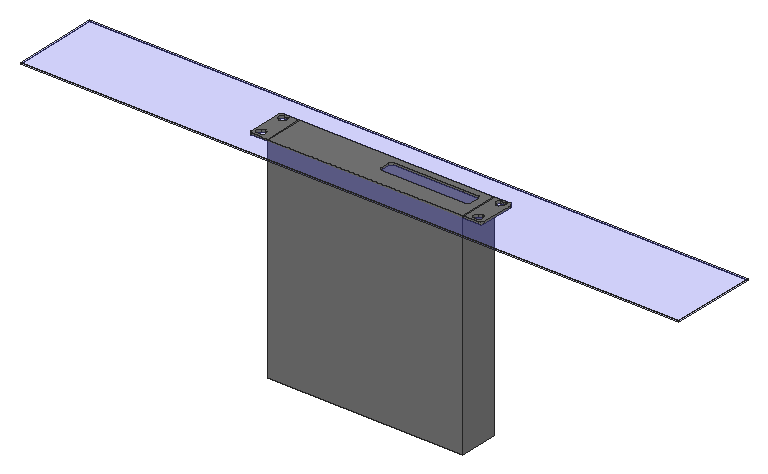
Revit family "QSC SPA2-200 Amplifier Front Facing Rackmount", category Generic Models, host Face, Revit 2014
Parameters (values of type "SPA2-200 @ 230VAC")
  Width = 8.663"  # constant formula
  Weight Product (lb) = 4  # constant formula
  Weight Product (kg) = 1.4  # constant formula
  Weight Dimensional (lb) = 6.5  # constant formula
  Weight Dimensional (kg) = 2.5  # constant formula
  Voltage AC = "100-240 at 50-60 Hz"  # constant formula
  URL = "http://www.qsc.com/systems/products/power-amplifiers/energystar-amplifiers/spa-series/spa2-200/"
  Sustainability Rating = "Energy Star"  # constant formula
  Show Right Ear Short [instance] = yes
  Show Right Ear Long [instance] = no
  Show Left Ear Short [instance] = yes
  Show Left Ear Long [instance] = no
  Regulatory Compliance = "UL, CE, RoHS/WEEE, FCC Class B, UL 2043 with Plenum Kit Accessory"  # constant formula
  Product Page URL = "http://www.qsc.com/systems/products/power-amplifiers/energystar-amplifiers/spa-series/spa2-200/"
  Product Documentation Link = "http://www.qsc.com/resource-files/productresources/amp/spa/q_amp_spa_specs.pdf"
  Power Standby = 24  # constant formula
  Power Peak = 184
  Power Active = 184
  Model = "SPA2-200"  # constant formula
  Manufacturer URL = "http://www.qscaudio.com"
  Manufacturer = "QSC Audio Products, LLC"  # constant formula
  Height = 1.730"  # constant formula
  Heat Load Standby = 33  # constant formula
  Heat Load Active = 103  # constant formula
  Face Depth = 0.0788"
  Description = "2 Channel 200 Watt/Channel Amplfier"  # constant formula
  Depth = 9.48819"  # constant formula
  Default Elevation = 0.000"
  Current Draw = 0.7
  Enclosure Material [instance] = Dark Gray Finish
Types (4): name | Power Peak | Power Active | Current Draw
  (no name) | 184 | 184 | 0.7
  SPA2-200 @ 100VAC | 170 | 130 | 1.7
  SPA2-200 @ 120VAC | 180 | 132 | 1.5
  SPA2-200 @ 230VAC | 184 | 184 | 0.7
Reference planes (in)
  plane 1 "Center (Front/Back)": y = 0
  plane 2: z = 0
  plane 3 "Center (Left/Right)": x = 0
  plane 4 "Left": x = -4.3315
  plane 5 "Right": x = 4.3315
  plane 6 "Top": y = 0.865
  plane 7 "Bottom": y = -0.865
  plane 8 "Back": z = -9.40939
  plane 9 "Right Extend Ear": x = 13.8135
  plane 10 "Left Extend Ear": x = -13.8135
  plane 11 "Left Short Ear": x = -5.1529
  plane 12 "Right Short Ear": x = 5.1529
  plane 13 "Front": z = 0.0788
Forms (in)
  Extrusion 1, solid, material "Glass"
    sketch origin (0, 0, 0) x (1, 0, 0) y (0, 1, 0)
      loop
        line (-14.5, 1.9685) -> (-14.5, -1.88975) -> (14.73031, -1.88975) -> (14.73031, 1.9685) -> (-14.5, 1.9685)
    from 0 to -0.079
  Extrusion 2, solid, material "Dark Gray Finish" <- "Enclosure Material"
    sketch origin (0, -0.865, 0) x (-1, 0, 0) y (0, 0, 1)
      loop
        line (4.3315, 0.0788) -> (-4.3315, 0.0788) -> (-4.3315, -9.40939) -> (4.3315, -9.40939) -> (4.3315, 0.0788)
    from 0 to 1.73 <- "Height"
  Extrusion 3, void
    sketch origin (0, 0, -9.40939) x (-1, 0, 0) y (0, -1, 0)
      loop
        line (-4.13103, -0.64625) -> (-3.52079, -0.64625) -> (-3.52079, -0.33317) -> (-4.13103, -0.33317) -> (-4.13103, -0.64625)
      loop
        line (-2.87118, -0.33317) -> (-3.48142, -0.33317) -> (-3.48142, -0.64625) -> (-2.87118, -0.64625) -> (-2.87118, -0.33317)
      loop
        line (-2.73547, -0.40133) -> (-2.73547, -0.63567) -> (-2.47484, -0.63567) -> (-2.47484, -0.40133) -> (-2.73547, -0.40133)
      loop
        line (-1.98744, -0.63567) -> (-1.98744, -0.40133) -> (-2.43547, -0.40133) -> (-2.43547, -0.63567) -> (-1.98744, -0.63567)
      loop
        line (-1.8585, -0.40133) -> (-1.8585, -0.63567) -> (-1.50417, -0.63567) -> (-1.50417, -0.40133) -> (-1.8585, -0.40133)
      loop
        line (-1.11047, -0.63567) -> (-1.11047, -0.40133) -> (-1.4648, -0.40133) -> (-1.4648, -0.63567) -> (-1.11047, -0.63567)
      loop
        line (2.83544, -0.39444) -> (3.58439, -0.39444)
        arc (3.58439, -0.39444) -> (3.66726, -0.36012) -> (3.70158, -0.27725) r 0.11719
        line (3.70158, -0.27725) -> (3.70158, 0.04564)
        arc (3.70158, 0.04564) -> (3.69563, 0.07554) -> (3.6787, 0.10088) r 0.07813
        line (3.6787, 0.10088) -> (3.52761, 0.25197)
        arc (3.52761, 0.25197) -> (3.50227, 0.26891) -> (3.47237, 0.27485) r 0.07813
        line (3.47237, 0.27485) -> (2.94654, 0.27485)
        arc (2.94654, 0.27485) -> (2.91664, 0.26891) -> (2.89129, 0.25197) r 0.07813
        line (2.89129, 0.25197) -> (2.74021, 0.10088)
        arc (2.74021, 0.10088) -> (2.72327, 0.07554) -> (2.71733, 0.04564) r 0.07813
        line (2.71733, 0.04564) -> (2.71733, -0.27633)
        arc (2.71733, -0.27633) -> (2.75192, -0.35985) -> (2.83544, -0.39444) r 0.11811
    from 0 to 0.19685
  Extrusion 4, void
    sketch origin (-16.617, -180, 0.0788) x (0, -1, 0) y (-1, 0, 0)
      loop
        line (-180.55192, -16.7645) -> (-180.55192, -20.46917)
        arc (-180.55192, -20.46917) -> (-180.50615, -20.57966) -> (-180.39567, -20.62542) r 0.15625
        line (-180.39567, -20.62542) -> (-180.03888, -20.62542)
        arc (-180.03888, -20.62542) -> (-179.92839, -20.57966) -> (-179.88263, -20.46917) r 0.15625
        line (-179.88263, -20.46917) -> (-179.88263, -16.7645)
        arc (-179.88263, -16.7645) -> (-179.92839, -16.65402) -> (-180.03888, -16.60825) r 0.15625
        line (-180.03888, -16.60825) -> (-180.39567, -16.60825)
        arc (-180.39567, -16.60825) -> (-180.50615, -16.65402) -> (-180.55192, -16.7645) r 0.15625
    from 0 to 0.079
  Extrusion 5, solid, material "Dark Gray Finish" <- "Enclosure Material", visible <- "Show Left Ear Short"
    sketch origin (0, 0, 0) x (1, 0, 0) y (0, 1, 0)
      loop
        arc (-5.02784, 0.865) -> (-5.11623, 0.82839) -> (-5.1529, 0.74) r 0.125
        line (-5.1529, 0.74) -> (-5.15284, -0.74)
        arc (-5.15284, -0.74) -> (-5.11623, -0.82839) -> (-5.02784, -0.865) r 0.125
        line (-5.02784, -0.865) -> (-4.3315, -0.865) -> (-4.3315, 0.865) -> (-5.02784, 0.865)
      loop
        line (-4.7552, 0.76559) -> (-4.893, 0.76559)
        arc (-4.893, 0.76559) -> (-5.0266, 0.64002) -> (-4.90953, 0.4989) r 0.13386
        arc (-4.90953, 0.4989) -> (-4.8241, 0.41343) -> (-4.73867, 0.4989) r 0.08543
        arc (-4.73867, 0.4989) -> (-4.6216, 0.64002) -> (-4.7552, 0.76559) r 0.13386
      loop
        arc (-4.7552, -0.75213) -> (-4.6216, -0.62655) -> (-4.73867, -0.48543) r 0.13386
        arc (-4.73867, -0.48543) -> (-4.8241, -0.39996) -> (-4.90953, -0.48543) r 0.08543
        arc (-4.90953, -0.48543) -> (-5.0266, -0.62655) -> (-4.893, -0.75213) r 0.13386
        line (-4.893, -0.75213) -> (-4.7552, -0.75213)
    from 0 to 0.0788 <- "Face Depth"
  Extrusion 6, solid, material "Dark Gray Finish" <- "Enclosure Material", visible <- "Show Right Ear Short"
    sketch origin (0, 0, 0) x (-1, 0, 0) y (0, -1, 0)
      loop
        line (-5.02784, -0.865) -> (-4.3315, -0.865) -> (-4.3315, 0.865) -> (-5.02784, 0.865)
        arc (-5.02784, 0.865) -> (-5.11623, 0.82839) -> (-5.15284, 0.74) r 0.125
        line (-5.15284, 0.74) -> (-5.1529, -0.74)
        arc (-5.1529, -0.74) -> (-5.11623, -0.82839) -> (-5.02784, -0.865) r 0.125
      loop
        arc (-4.7552, -0.76559) -> (-4.6216, -0.64002) -> (-4.73867, -0.4989) r 0.13386
        arc (-4.73867, -0.4989) -> (-4.8241, -0.41343) -> (-4.90953, -0.4989) r 0.08543
        arc (-4.90953, -0.4989) -> (-5.0266, -0.64002) -> (-4.893, -0.76559) r 0.13386
        line (-4.893, -0.76559) -> (-4.7552, -0.76559)
      loop
        line (-4.7552, 0.75213) -> (-4.893, 0.75213)
        arc (-4.893, 0.75213) -> (-5.0266, 0.62655) -> (-4.90953, 0.48543) r 0.13386
        arc (-4.90953, 0.48543) -> (-4.8241, 0.39996) -> (-4.73867, 0.48543) r 0.08543
        arc (-4.73867, 0.48543) -> (-4.6216, 0.62655) -> (-4.7552, 0.75213) r 0.13386
    from 0 to 0.0788 <- "Face Depth"
  Extrusion 7, solid, material "Dark Gray Finish" <- "Enclosure Material", visible <- "Show Right Ear Long"
    sketch origin (0, 0, 0) x (-1, 0, 0) y (0, -1, 0)
      loop
        arc (-13.55582, -0.49787) -> (-13.68968, -0.63173) -> (-13.55582, -0.76559) r 0.13386
        line (-13.55582, -0.76559) -> (-13.41803, -0.76559)
        arc (-13.41803, -0.76559) -> (-13.28417, -0.63173) -> (-13.41803, -0.49787) r 0.13386
        line (-13.41803, -0.49787) -> (-13.55582, -0.49787)
      loop
        arc (-13.55582, 0.75213) -> (-13.68968, 0.61827) -> (-13.55582, 0.48441) r 0.13386
        line (-13.55582, 0.48441) -> (-13.41803, 0.48441)
        arc (-13.41803, 0.48441) -> (-13.28417, 0.61827) -> (-13.41803, 0.75213) r 0.13386
        line (-13.41803, 0.75213) -> (-13.55582, 0.75213)
      loop
        line (-13.8135, 0.74) -> (-13.8135, -0.74)
        arc (-13.8135, -0.74) -> (-13.77689, -0.82839) -> (-13.6885, -0.865) r 0.125
        line (-13.6885, -0.865) -> (-4.3315, -0.865) -> (-4.3315, 0.865) -> (-13.6885, 0.865)
        arc (-13.6885, 0.865) -> (-13.77689, 0.82839) -> (-13.8135, 0.74) r 0.125
    from 0 to 0.0788 <- "Face Depth"
  Extrusion 8, solid, material "Dark Gray Finish" <- "Enclosure Material", visible <- "Show Left Ear Long"
    sketch origin (0, 0, 0) x (1, 0, 0) y (0, 1, 0)
      loop
        line (-13.55582, 0.49787) -> (-13.41803, 0.49787)
        arc (-13.41803, 0.49787) -> (-13.28417, 0.63173) -> (-13.41803, 0.76559) r 0.13386
        line (-13.41803, 0.76559) -> (-13.55582, 0.76559)
        arc (-13.55582, 0.76559) -> (-13.68968, 0.63173) -> (-13.55582, 0.49787) r 0.13386
      loop
        line (-13.55582, -0.75213) -> (-13.41803, -0.75213)
        arc (-13.41803, -0.75213) -> (-13.28417, -0.61827) -> (-13.41803, -0.48441) r 0.13386
        line (-13.41803, -0.48441) -> (-13.55582, -0.48441)
        arc (-13.55582, -0.48441) -> (-13.68968, -0.61827) -> (-13.55582, -0.75213) r 0.13386
      loop
        arc (-13.8135, -0.74) -> (-13.77689, -0.82839) -> (-13.6885, -0.865) r 0.125
        line (-13.6885, -0.865) -> (-4.3315, -0.865) -> (-4.3315, 0.865) -> (-13.6885, 0.865)
        arc (-13.6885, 0.865) -> (-13.77689, 0.82839) -> (-13.8135, 0.74) r 0.125
        line (-13.8135, 0.74) -> (-13.8135, -0.74)
    from 0 to 0.0788 <- "Face Depth"
Cuts and joins
  Extrusion 3, Extrusion 4 cuts Extrusion 2
Lines and regions (in)
  model lines, style "GenericModel", not visible, detail levels fine
    curve 1: line (13.55599, -1.01274, 0.03125) -> (13.46873, -0.89778, 0.03125)
    curve 2: line (13.46873, -0.89778, 0.03125) -> (13.55599, -1.01274, 0.03125)
    curve 3: line (13.15237, -0.99839, 0.03125) -> (13.18534, -0.8798, 0.03125)
    curve 4: line (13.18534, -0.8798, 0.03125) -> (13.15237, -0.99839, 0.03125)
    curve 5: line (13.20744, -1.07691, 0.03125) -> (13.18283, -0.85745, 0.03125)
    curve 6: line (13.18283, -0.85745, 0.03125) -> (13.20744, -1.07691, 0.03125)
    curve 7: line (13.67283, -0.92336, 0.03125) -> (13.75064, -0.98053, 0.03125)
    curve 8: line (13.75064, -0.98053, 0.03125) -> (13.67283, -0.92336, 0.03125)
    curve 25: line (-3.35339, 0.42119, 0) -> (-3.44988, 0.54832, 0)
    curve 26: line (-3.44988, 0.54832, 0) -> (-3.35339, 0.42119, 0)
    curve 27: line (-3.7997, 0.43707, 0) -> (-3.76325, 0.5682, 0)
    curve 28: line (-3.76325, 0.5682, 0) -> (-3.7997, 0.43707, 0)
    curve 29: line (-3.73881, 0.35024, 0) -> (-3.76602, 0.59291, 0)
    curve 30: line (-3.76602, 0.59291, 0) -> (-3.73881, 0.35024, 0)
    curve 31: line (-3.22419, 0.52002, 0) -> (-3.13815, 0.45681, 0)
    curve 32: line (-3.13815, 0.45681, 0) -> (-3.22419, 0.52002, 0)
    curve 45: line (-3.35339, 0.42119, 0.0788) -> (-3.44988, 0.54832, 0.0788)
    curve 46: line (-3.44988, 0.54832, 0.0788) -> (-3.35339, 0.42119, 0.0788)
    curve 47: line (-3.7997, 0.43707, 0.0788) -> (-3.76325, 0.5682, 0.0788)
    curve 48: line (-3.76325, 0.5682, 0.0788) -> (-3.7997, 0.43707, 0.0788)
    curve 49: line (-3.73881, 0.35024, 0.0788) -> (-3.76602, 0.59291, 0.0788)
    curve 50: line (-3.76602, 0.59291, 0.0788) -> (-3.73881, 0.35024, 0.0788)
    curve 51: line (-3.22419, 0.52002, 0.0788) -> (-3.13815, 0.45681, 0.0788)
    curve 52: line (-3.13815, 0.45681, 0.0788) -> (-3.22419, 0.52002, 0.0788)
  model lines, not visible
    curve 9: arc (-4.09496, -0.0625, 1.79211) -> (-3.79966, 0.2328, 1.79211) -> (-3.50436, -0.0625, 1.79211) r 0.2953
    curve 10: arc (-3.50436, -0.0625, 1.79211) -> (-3.79966, -0.3578, 1.79211) -> (-4.09496, -0.0625, 1.79211) r 0.2953
    curve 11: arc (2.90932, 0.1875, 1.79211) -> (3.51952, 0.7977, 1.79211) -> (4.12972, 0.1875, 1.79211) r 0.6102
    curve 12: arc (4.12972, 0.1875, 1.79211) -> (3.51952, -0.4227, 1.79211) -> (2.90932, 0.1875, 1.79211) r 0.6102
    curve 13: line (2.1373, 0.9632, 1.79211) -> (2.1373, -0.8138, 1.79211)
    curve 14: line (2.1373, -0.8138, 1.79211) -> (-0.6525, -0.8138, 1.79211)
    curve 15: line (-0.6525, -0.8138, 1.79211) -> (-0.6525, 0.9632, 1.79211)
    curve 16: line (-0.6525, 0.9632, 1.79211) -> (2.1373, 0.9632, 1.79211)
    curve 37: line (-0.04, 0.55192, 0) -> (3.97575, 0.55192, 0)
    curve 38: line (-0.04, -0.11737, 0) -> (-0.04, 0.55192, 0)
    curve 39: line (3.97575, -0.11737, 0) -> (-0.04, -0.11737, 0)
    curve 40: line (3.97575, 0.55192, 0) -> (3.97575, -0.11737, 0)
  model lines, style "GenericModel", detail levels fine
    curve 17: line (-3.29089, 0.35869, 0.0788) -> (-3.38738, 0.48582, 0.0788)
    curve 18: line (-3.38738, 0.48582, 0.0788) -> (-3.29089, 0.35869, 0.0788)
    curve 19: line (-3.7372, 0.37457, 0.0788) -> (-3.70075, 0.5057, 0.0788)
    curve 20: line (-3.70075, 0.5057, 0.0788) -> (-3.7372, 0.37457, 0.0788)
    curve 21: line (-3.67631, 0.28774, 0.0788) -> (-3.70352, 0.53041, 0.0788)
    curve 22: line (-3.70352, 0.53041, 0.0788) -> (-3.67631, 0.28774, 0.0788)
    curve 23: line (-3.16169, 0.45752, 0.0788) -> (-3.07565, 0.39431, 0.0788)
    curve 24: line (-3.07565, 0.39431, 0.0788) -> (-3.16169, 0.45752, 0.0788)
  model lines
    curve 33: line (0.1475, 0.55192, 0) -> (3.85217, 0.55192, 0)
    curve 34: line (-0.00875, 0.03888, 0) -> (-0.00875, 0.39567, 0)
    curve 35: line (3.85217, -0.11737, 0) -> (0.1475, -0.11737, 0)
    curve 36: line (4.00842, 0.39567, 0) -> (4.00842, 0.03888, 0)
    curve 41: arc (-0.00875, 0.39567, 0) -> (0.03701, 0.50615, 0) -> (0.1475, 0.55192, 0) r 0.15625
    curve 42: arc (-0.00875, 0.03888, 0) -> (0.03701, -0.07161, 0) -> (0.1475, -0.11737, 0) r 0.15625
    curve 43: arc (3.85217, -0.11737, 0) -> (3.96265, -0.07161, 0) -> (4.00842, 0.03888, 0) r 0.15625
    curve 44: arc (4.00842, 0.39567, 0) -> (3.96265, 0.50615, 0) -> (3.85217, 0.55192, 0) r 0.15625
Dimensions and locks (in)
  equal spacing: plane 6 "Top", plane 1 "Center (Front/Back)", plane 7 "Bottom"
  "Height": plane 6 "Top" to plane 7 "Bottom"
  equal spacing: plane 4 "Left", plane 3 "Center (Left/Right)", plane 5 "Right"
  "Width": plane 4 "Left" to plane 5 "Right"
  plane 4 "Left" to plane 5 "Right" = 8.663"
  plane 5 "Right" to plane 9 "Right Extend Ear" = 9.482"
  plane 10 "Left Extend Ear" to plane 4 "Left" = 9.482"
  plane 11 "Left Short Ear" to plane 4 "Left" = 0.8214"
  plane 5 "Right" to plane 12 "Right Short Ear" = 0.8214"
  "Face Depth": plane 13 "Front" to plane 2
  "Depth": plane 13 "Front" to plane 8 "Back"
  aligned and locked: plane 2 to Extrusion 1
  aligned and locked: level to Extrusion 1
  aligned and locked: plane 4 "Left" to Extrusion 2 sketch curve
  aligned and locked: plane 8 "Back" to Extrusion 2 sketch curve
  aligned and locked: Extrusion 2 sketch curve to plane 5 "Right"
  aligned and locked: Extrusion 2 sketch curve to plane 13 "Front"
  aligned and locked: Extrusion 5 sketch curve to plane 6 "Top"
  aligned and locked: plane 11 "Left Short Ear" to Extrusion 5 sketch curve
  aligned and locked: cut or joined group of Extrusion 2, Extrusion 3, Extrusion 4 to Extrusion 5 sketch curve
  aligned and locked: Extrusion 5 sketch curve to cut or joined group of Extrusion 2, Extrusion 3, Extrusion 4
  aligned and locked: cut or joined group of Extrusion 2, Extrusion 3, Extrusion 4 to Extrusion 7 sketch curve
  aligned and locked: plane 9 "Right Extend Ear" to Extrusion 7 sketch curve
  aligned and locked: Extrusion 7 sketch curve to plane 7 "Bottom"
  aligned and locked: Extrusion 7 sketch curve to plane 6 "Top"
Automatic sketch dimensions
  curve 34 to curve 34 = 0.35679"
  curve 35 to curve 35 = 3.70467"
  curve 36 to curve 36 = 0.35679"  (x2)
  curve 34 to curve 35 = 3.86408"
  curve 35 to curve 33 = 0.66929"
  curve 23 to curve 24 = 0.000"  (x4)
  curve 24 to curve 23 = 0.10677"
  curve 18 to curve 23 = 0.16267"
  curve 17 to curve 18 = 0.000"  (x5)
  curve 17 to curve 18 = 0.15959"
  curve 18 to curve 17 = 0.000"  (x3)
  curve 21 to curve 17 = 0.35031"
  curve 22 to curve 21 = 0.000"  (x4)
  curve 20 to curve 21 = 0.21933"
  curve 19 to curve 20 = 0.000"  (x4)
  curve 22 to curve 19 = 0.02487"
  curve 21 to curve 22 = 0.000"  (x4)
  curve 19 to curve 21 = 0.10605"
  curve 20 to curve 19 = 0.000"  (x2)
  curve 22 to curve 18 = 0.3919"
  curve 21 to curve 20 = 0.10605"
  curve 17 to curve 23 = 0.21817"
  curve 24 to curve 23 = 0.000"  (x4)
  curve 23 to curve 24 = 0.10677"
  curve 18 to curve 17 = 0.15959"
  curve 20 to curve 20 = 0.13611"
  curve 24 to curve 33 = 3.227"
  curve 22 to curve 33 = 3.83293"
  curve 38 to curve 39 = 4.01575"
  curve 39 to curve 37 = 0.66929"
  curve 31 to curve 32 = 0.000"  (x3)
  curve 32 to curve 31 = 0.08604"
  curve 26 to curve 31 = 0.1292"
  curve 25 to curve 26 = 0.000"  (x2)
  curve 25 to curve 26 = 0.09649"
  curve 26 to curve 25 = 0.000"  (x2)
  curve 29 to curve 25 = 0.28894"
  curve 30 to curve 29 = 0.000"  (x2)
  curve 28 to curve 29 = 0.02444"
  curve 27 to curve 28 = 0.000"  (x2)
  curve 30 to curve 27 = 0.00277"
  curve 29 to curve 30 = 0.000"  (x2)
  curve 27 to curve 29 = 0.06089"
  curve 28 to curve 27 = 0.000"
  curve 30 to curve 26 = 0.07095"
  curve 29 to curve 28 = 0.08683"
  curve 25 to curve 31 = 0.03562"
  curve 32 to curve 31 = 0.000"
  curve 31 to curve 32 = 0.06321"
  curve 26 to curve 25 = 0.12712"
  curve 28 to curve 28 = 0.13113"
  curve 32 to curve 37 = 3.09814"
  curve 30 to curve 37 = 0.20168"
  curve 23 to curve 23 = 0.08604"
  curve 23 to curve 18 = 0.1292"
  curve 17 to curve 17 = 0.09649"
  curve 17 to curve 22 = 0.28894"
  curve 21 to curve 20 = 0.02444"
  curve 19 to curve 21 = 0.00277"
  curve 21 to curve 20 = 0.06089"
  curve 21 to curve 20 = 0.02471"
  curve 19 to curve 18 = 0.01989"
  curve 17 to curve 23 = 0.02829"
  curve 24 to curve 23 = 0.06321"
  curve 17 to curve 18 = 0.12712"
  curve 19 to curve 21 = 0.08683"
  curve 51 to curve 52 = 0.000"
  curve 51 to curve 51 = 0.08604"
  curve 52 to curve 51 = 0.000"  (x3)
  curve 51 to curve 46 = 0.1292"
  curve 45 to curve 46 = 0.000"  (x3)
  curve 45 to curve 45 = 0.09649"
  curve 46 to curve 45 = 0.000"
  curve 45 to curve 50 = 0.28894"
  curve 49 to curve 50 = 0.000"  (x2)
  curve 49 to curve 48 = 0.02444"
  curve 47 to curve 48 = 0.000"  (x2)
  curve 47 to curve 49 = 0.00277"
  curve 50 to curve 49 = 0.000"  (x2)
  curve 49 to curve 48 = 0.06089"
  curve 49 to curve 48 = 0.02471"
  curve 47 to curve 46 = 0.01989"
  curve 45 to curve 51 = 0.02829"
  curve 52 to curve 51 = 0.06321"
  curve 48 to curve 47 = 0.000"
  curve 45 to curve 46 = 0.12712"
  curve 47 to curve 49 = 0.08683"
  curve 34 to plane 3 "Center (Left/Right)" = 0.00875"
  plane 3 "Center (Left/Right)" to curve 35 = 0.1475"
  plane 3 "Center (Left/Right)" to curve 41 = 0.1475"
  curve 44 to plane 5 "Right" = 0.47933"
  plane 1 "Center (Front/Back)" to curve 35 = 0.11737"
  curve 35 to plane 5 "Right" = 0.47933"
  curve 44 to curve 36 = 0.15625"
  Extrusion 1 sketch curve to Extrusion 1 sketch curve = 29.23031"
  Extrusion 1 sketch curve to Extrusion 1 sketch curve = 3.85825"
  Extrusion 3 sketch curve to plane 5 "Right" = 0.20047"
  Extrusion 3 sketch curve to plane 6 "Top" = 0.21875"  (x2)
  Extrusion 3 sketch curve to Extrusion 3 sketch curve = 0.61024"  (x2)
  Extrusion 3 sketch curve to Extrusion 3 sketch curve = 0.03937"  (x3)
  Extrusion 3 sketch curve to Extrusion 3 sketch curve = 0.13571"
  Extrusion 3 sketch curve to Extrusion 3 sketch curve = 0.12894"
  Extrusion 3 sketch curve to Extrusion 3 sketch curve = 0.35433"  (x2)
  Extrusion 3 sketch curve to plane 1 "Center (Front/Back)" = 0.27633"
  plane 4 "Left" to Extrusion 3 sketch curve = 1.61417"
  plane 1 "Center (Front/Back)" to Extrusion 3 sketch curve = 0.10088"  (x2)
  Extrusion 3 sketch curve to Extrusion 3 sketch curve = 0.02288"
  plane 1 "Center (Front/Back)" to Extrusion 3 sketch curve = 0.04564"  (x2)
  Extrusion 3 sketch curve to Extrusion 3 sketch curve = 0.11811"
  plane 1 "Center (Front/Back)" to Extrusion 3 sketch curve = 0.25197"  (x2)
  Extrusion 3 sketch curve to Extrusion 3 sketch curve = 0.15109"  (x2)
  Extrusion 3 sketch curve to Extrusion 3 sketch curve = 0.05524"  (x4)
  Extrusion 3 sketch curve to Extrusion 3 sketch curve = 0.52583"
  Extrusion 3 sketch curve to Extrusion 3 sketch curve = 0.11202"
  Extrusion 3 sketch curve to plane 6 "Top" = 0.22933"  (x2)
  Extrusion 3 sketch curve to Extrusion 3 sketch curve = 0.000"  (x4)
  Extrusion 3 sketch curve to Extrusion 3 sketch curve = 0.23434"  (x3)
  Extrusion 3 sketch curve to Extrusion 3 sketch curve = 0.31308"
  Extrusion 4 sketch curve to plane 6 "Top" = 0.31308"
  Extrusion 4 sketch curve to Extrusion 4 sketch curve = 0.15625"  (x2)
  Extrusion 4 sketch curve to plane 1 "Center (Front/Back)" = 0.03888"  (x2)
  plane 1 "Center (Front/Back)" to Extrusion 4 sketch curve = 0.11737"
  Extrusion 4 sketch curve to plane 3 "Center (Left/Right)" = 0.00875"
  Extrusion 4 sketch curve to plane 5 "Right" = 0.47933"
  plane 11 "Left Short Ear" to Extrusion 5 sketch curve = 0.12506"  (x2)
  Extrusion 5 sketch curve to Extrusion 5 sketch curve = 0.13484"  (x2)
  Extrusion 5 sketch curve to Extrusion 5 sketch curve = 0.0689"  (x2)
  Extrusion 5 sketch curve to Extrusion 5 sketch curve = 0.1378"  (x2)
  plane 7 "Bottom" to Extrusion 5 sketch curve = 0.11287"
  plane 7 "Bottom" to Extrusion 5 sketch curve = 0.125"
  Extrusion 5 sketch curve to Extrusion 5 sketch curve = 0.13386"  (x2)
  Extrusion 5 sketch curve to Extrusion 5 sketch curve = 0.13287"  (x2)
  Extrusion 5 sketch curve to plane 6 "Top" = 0.36614"
  Extrusion 5 sketch curve to Extrusion 5 sketch curve = 0.000"  (x3)
  Extrusion 5 sketch curve to Extrusion 5 sketch curve = 0.125"
  Extrusion 5 sketch curve to plane 6 "Top" = 0.09941"
  Extrusion 5 sketch curve to Extrusion 5 sketch curve = 0.08543"  (x2)
  Extrusion 6 sketch curve to plane 12 "Right Short Ear" = 0.000"
  Extrusion 6 sketch curve to plane 7 "Bottom" = 0.000"
  Extrusion 6 sketch curve to plane 6 "Top" = 0.000"
  Extrusion 6 sketch curve to plane 5 "Right" = 0.000"
  plane 12 "Right Short Ear" to Extrusion 6 sketch curve = 0.12506"  (x2)
  Extrusion 6 sketch curve to Extrusion 6 sketch curve = 0.13484"  (x2)
  Extrusion 6 sketch curve to Extrusion 6 sketch curve = 0.0689"  (x2)
  Extrusion 6 sketch curve to Extrusion 6 sketch curve = 0.1378"  (x2)
  Extrusion 6 sketch curve to plane 7 "Bottom" = 0.11287"
  Extrusion 6 sketch curve to Extrusion 6 sketch curve = 0.125"
  Extrusion 6 sketch curve to Extrusion 6 sketch curve = 0.13386"  (x2)
  Extrusion 6 sketch curve to Extrusion 6 sketch curve = 0.13287"  (x2)
  plane 6 "Top" to Extrusion 6 sketch curve = 0.36614"
  Extrusion 6 sketch curve to Extrusion 6 sketch curve = 0.000"  (x3)
  plane 6 "Top" to Extrusion 6 sketch curve = 0.125"
  plane 6 "Top" to Extrusion 6 sketch curve = 0.09941"
  Extrusion 6 sketch curve to Extrusion 6 sketch curve = 0.08543"  (x2)
  plane 9 "Right Extend Ear" to Extrusion 7 sketch curve = 0.125"
  Extrusion 7 sketch curve to Extrusion 7 sketch curve = 0.125"
  Extrusion 7 sketch curve to Extrusion 7 sketch curve = 0.13268"  (x2)
  Extrusion 7 sketch curve to Extrusion 7 sketch curve = 0.1378"  (x2)
  Extrusion 7 sketch curve to plane 7 "Bottom" = 0.11287"
  Extrusion 7 sketch curve to Extrusion 7 sketch curve = 0.13386"  (x2)
  Extrusion 7 sketch curve to Extrusion 7 sketch curve = 0.24213"
  Extrusion 8 sketch curve to plane 10 "Left Extend Ear" = 0.000"
  Extrusion 8 sketch curve to plane 6 "Top" = 0.000"
  Extrusion 8 sketch curve to plane 7 "Bottom" = 0.000"
  Extrusion 8 sketch curve to plane 4 "Left" = 0.000"
  plane 10 "Left Extend Ear" to Extrusion 8 sketch curve = 0.125"
  Extrusion 8 sketch curve to Extrusion 8 sketch curve = 0.125"
  Extrusion 8 sketch curve to Extrusion 8 sketch curve = 0.13268"  (x2)
  Extrusion 8 sketch curve to Extrusion 8 sketch curve = 0.1378"  (x2)
  plane 7 "Bottom" to Extrusion 8 sketch curve = 0.11287"
  Extrusion 8 sketch curve to Extrusion 8 sketch curve = 0.13386"  (x2)
  Extrusion 8 sketch curve to Extrusion 8 sketch curve = 0.24213"
  Extrusion 3 sketch curve to Extrusion 3 sketch curve = 0.26063"
  Extrusion 3 sketch curve to Extrusion 3 sketch curve = 0.44803"
Connectors (in)
  electrical at (-3.20953, -0.00035, -9.21254)
    settings: on cut or joined group of Extrusion 2, Extrusion 3, Extrusion 4, index 1, voltage 0 V, apparent load 0 VA, apparent load phase1 0 VA, apparent load phase2 0 VA, apparent load phase3 0 VA, power factor 1, load classification "Other", number of poles 1, system type 31, power factor state 1, is connector primary yes, connector utility no, sub classification motor no, connector description ""
  electrical at (1.28764, 0.5185, -9.21254)
    settings: on cut or joined group of Extrusion 2, Extrusion 3, Extrusion 4, index 2, voltage 0 V, apparent load 0 VA, apparent load phase1 0 VA, apparent load phase2 0 VA, apparent load phase3 0 VA, power factor 1, load classification "Other", number of poles 1, system type 14, power factor state 1, is connector primary no, connector utility no, sub classification motor no, connector description "Input 2"
  electrical at (1.68134, 0.5185, -9.21254)
    settings: on cut or joined group of Extrusion 2, Extrusion 3, Extrusion 4, index 3, voltage 0 V, apparent load 0 VA, apparent load phase1 0 VA, apparent load phase2 0 VA, apparent load phase3 0 VA, power factor 1, load classification "Other", number of poles 1, system type 14, power factor state 1, is connector primary no, connector utility no, sub classification motor no, connector description "Input 1"
  electrical at (2.21146, 0.5185, -9.21254)
    settings: on cut or joined group of Extrusion 2, Extrusion 3, Extrusion 4, index 4, voltage 0 V, apparent load 0 VA, apparent load phase1 0 VA, apparent load phase2 0 VA, apparent load phase3 0 VA, power factor 1, load classification "Other", number of poles 1, system type 14, power factor state 1, is connector primary no, connector utility no, sub classification motor no, connector description "Volume Control"
  electrical at (2.60516, 0.5185, -9.21254)
    settings: on cut or joined group of Extrusion 2, Extrusion 3, Extrusion 4, index 5, voltage 0 V, apparent load 0 VA, apparent load phase1 0 VA, apparent load phase2 0 VA, apparent load phase3 0 VA, power factor 1, load classification "Other", number of poles 1, system type 14, power factor state 1, is connector primary no, connector utility no, sub classification motor no, connector description "Ch 1&2 Standby Control"
  electrical at (3.1763, 0.48971, -9.21254)
    settings: on cut or joined group of Extrusion 2, Extrusion 3, Extrusion 4, index 6, voltage 0 V, apparent load 0 VA, apparent load phase1 0 VA, apparent load phase2 0 VA, apparent load phase3 0 VA, power factor 1, load classification "Other", number of poles 1, system type 14, power factor state 1, is connector primary no, connector utility no, sub classification motor no, connector description "Output 2"
  electrical at (3.82591, 0.48971, -9.21254)
    settings: on cut or joined group of Extrusion 2, Extrusion 3, Extrusion 4, index 7, voltage 0 V, apparent load 0 VA, apparent load phase1 0 VA, apparent load phase2 0 VA, apparent load phase3 0 VA, power factor 1, load classification "Other", number of poles 1, system type 14, power factor state 1, is connector primary no, connector utility no, sub classification motor no, connector description "Output 1"
